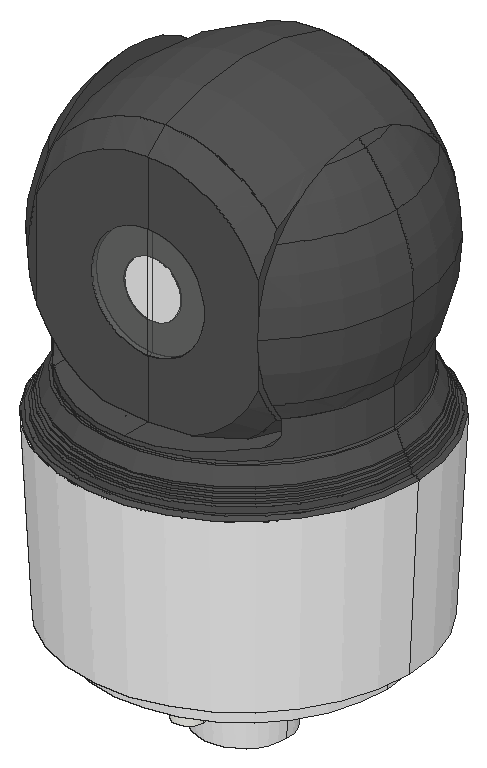
Revit family "Camera-Security-HanwhaTechwin-PTZ-Wisenet X-XNP-6400RW_mm", category Security Devices, host Face, Revit 2016
Family settings
  Host = Face
  Maintain Annotation Orientation = Yes
  Part Type = Normal
  Round Connector Dimension = Use Diameter
  OmniClass Number = 23.85.30.17.14
  OmniClass Title = Video Surveillance
  Cut with Voids When Loaded = No
  Shared = No
  Room Calculation Point = No
Parameters (values of type "Standard")
  zz Angle 4 [instance] = if(1 = 1, Camera Shield Actual, Camera Shield Actual)  # 0.00°
  zz Angle 3 [instance] = Camera Tilt Actual + 90.00°  # 90.00°
  zz Angle 2 [instance] = 90.00° - Camera Shield Actual  # 90.00°
  zz Angle 1 [instance] = if(1 = 1, Camera Base Actual + 270.00°, Camera Base Actual + 270.00°)  # 270.00°
  Wide Dynamic Range [instance] = "extreme WDR(150dB)"  # constant formula
  White Balance [instance] = "ATW / AWC / Manual / Indoor / Outdoor"  # constant formula
  Webpage Language [instance] = "English, Korean, Chinese, French, Italian, Spanish, German, Japanese, Russian, Swedish,\r\nPortuguese, Czech, Polish, Turkish, Dutch, Hungarian, Greek"  # constant formula
  Web Viewer [instance] = "Supported OS: Windows 7, 8.1, 10, Mac OS X 10.10, 10.11, 10.12 Recommended Browser: Google Chrome\r\nSupported Browser: MS Explore11,  MS Edge, Mozilla Firefox(Window 64bit only), Apple Safari(Mac OS X only)"  # constant formula
  Water Removal [instance] = "Support(with wiper)"  # constant formula
  WarrantyStartDate [instance] = "1900-12-31T23:59:59"
  WarrantyGuarantorParts [instance] = ""
  WarrantyGuarantorLabor [instance] = ""
  WarrantyDurationUnit [instance] = "year"
  WarrantyDurationParts [instance] = ""
  WarrantyDurationLabor [instance] = ""
  WarrantyDescription [instance] = ""
  Voltage [instance] = 12 V
  View Distance [instance] = 914 mm
  Video Rotation [instance] = "Flip, Mirror"  # constant formula
  Video Compression [instance] = "H.265/H.264: Main/Baseline/High, MJPEG"  # constant formula
  Version [instance] = "1"
  Unit Conversion [instance] = 1000 mm
  Uniclass2 [instance] = "Pr_60_75_75_86_86"
  URL = "https://www.hanwha-security.com"
  Tilt Speed [instance] = "Max. 350˚/sec, Manual: 0.024˚/sec~250˚/sec"  # constant formula
  Tilt Range [instance] = "110˚(-20˚~90˚)"  # constant formula
  TagNumber [instance] = ""
  SustainabilityPerformance [instance] = ""
  Streaming [instance] = "Unicast(20 users) / Multicast (128 user) Multiple streaming(Up to 10 profiles)"  # constant formula
  Storage Temperature . Humidity [instance] = "-50°C~+60°C (-58°F~+140°F) / Less than 95% RH(Non-condensing)"  # constant formula
  Smart Codec [instance] = "Manual(5ea area), WiseStreamⅡ"  # constant formula
  Size [instance] = "Ø 184.9 x 318.8 mm (Ø 7.28\" x 12.55\")"
  Shape [instance] = "PTZ"
  SerialNumber [instance] = ""
  Sequence [instance] = "Preset(300ea), Swing, Group(6ea), Trace, Tour, Auto Run, Schedule"  # constant formula
  Security [instance] = "HTTPS(SSL) Login Authentication Digest Login Authentication\r\nIP Address Filtering User access log\r\n802.1X Authentication(EAP-TLS, EAP-LEAP) Device certificate(Hanwha Techwin Root CA)"  # constant formula
  Revision [instance] = ""
  Resolution [instance] = "1920x1080, 1280x1024, 1280x960, 1280x720,\r\n1024x768, 800x600, 800x448, 720x576, 720x480, 640x480, 640x360, 320x240"  # constant formula
  ReplacementCost [instance] = ""
  Recognize .125PPM 38PPF. [instance] = "Wide: 12m(39.4ft) / Tele: 468m(1535.7ft)"  # constant formula
  RAL Code [instance] = "White: RAL9003 / Black: RAL9005"  # constant formula
  Protocol [instance] = "IPv4, IPv6, TCP/IP, UDP/IP, RTP(UDP), RTP(TCP), RTCP,RTSP, NTP, HTTP, HTTPS, SSL/TLS, DHCP, FTP, SMTP, ICMP, IGMP, SNMPv1/v2c/v3(MIB-2), ARP, DNS, DDNS, QoS, PIM-SM, UPnP, Bonjour,LLDP, SRTP"  # constant formula
  ProductInformation [instance] = ""
  Product Page URL = "https://www.hanwha-security.com/EN/products/camera/network/ptz/XNP-6400RW/overview/"
  Product Material = Aluminum - HanwhaTechwin - Black
  Product Documentation Link = "https://www.hanwha-security.com/EN/products/camera/network/ptz/XNP-6400RW/download/"
  Privacy Masking [instance] = "32ea, rectangular Support\r\n- Color: Grey/Green/Red/Blue/Black/White\r\n- Mosaic"  # constant formula
  Preset Accuracy [instance] = "±0.1˚, Pan/Tilt correction"  # constant formula
  Power Consumption [instance] = "HPoE(Camera only): Max 42W, typical 20W"  # constant formula
  Pan Speed [instance] = "Max. 500˚/sec, Manual: 0.024˚/sec~250˚/sec"  # constant formula
  Pan Range [instance] = "360˚ Endless"  # constant formula
  Operating Temperature . Humidity [instance] = "Normal : -40°C~+55°(-40°F ~ +131°F) / Intermittent : -40°C~+60°C(-40°F ~\r\n+140°F)\r\nMaximum Temperature based on NEMA-TS 2(2.2.7) : +74°C(+165°F) Less than 95% RH(Non-condensing)"  # constant formula
  Observe .63PPM 19PPF. [instance] = "Wide: 24m(78.1ft) / Tele: 936m(3071.4ft)"  # constant formula
  NominalWidth [instance] = "Ø184.9 (Ø7.28\")"
  NominalLength [instance] = "Ø184.9 (Ø7.28\")"
  NominalHeight [instance] = "318.8 mm (12.55\")"
  Name [instance] = "XNP-6400RW"
  NBSTypeID [instance] = ""
  NBSReference [instance] = ""
  NBSOfficeMasterTag [instance] = ""
  NBSNote [instance] = ""
  NBSDescription [instance] = ""
  NBSCertification [instance] = ""
  Motion Detection [instance] = "8ea, 8point polygonal zones"  # constant formula
  ModelReference [instance] = "Hanwhatechwin"
  ModelNumber [instance] = "XNP-6400RW"
  Model = "XNP-6400RW"  # constant formula
  Min. object Distance [instance] = "3m(9.84ft)"  # constant formula
  Min. Illumination [instance] = "Color: 0.05Lux(F1.6, 1/30sec) BW: 0Lux(IR LED On)"  # constant formula
  Memory [instance] = "4GB RAM, 512MB Flash"  # constant formula
  Max. Framerate [instance] = "H.265/H.264: Max. 60fps/50fps(60Hz/50Hz) MJPEG: Max. 30fps/25fps(60Hz/50Hz)"  # constant formula
  Max. Aperture Ratio [instance] = "F1.6(Wide)~F4.95(Tele)"  # constant formula
  Max Resolution [instance] = 1920
  Material [instance] = "Aluminum + Plastic"
  ManufacturerURL [instance] = "http://security.hanwhatechwin.com/"
  ManufacturerName [instance] = "Hanwhatechwin"
  Manufacturer = "Hanwha Techwin"  # constant formula
  Lens Type [instance] = "DC auto iris"  # constant formula
  InstallationDate [instance] = "1900-12-31T23:59:59"
  Input Voltage [instance] = "HPoE(IEEE802.3bt, Class6, Type3)"  # constant formula
  Imaging Device [instance] = "1/2.8 CMOS"  # constant formula
  Identify .250PPM 76PPF. [instance] = "Wide: 6m(19.5ft) / Tele: 234m(767.8ft)"  # constant formula
  IR Viewable Length [instance] = "200m(656.17ft)"  # constant formula
  Grade [instance] = ""
  Gain Control [instance] = "Low / Middle / High"  # constant formula
  Focus Control [instance] = "Oneshot AF, Focus save"  # constant formula
  Focal Length Actual [instance] = if(Focal Length > 170 mm, 170 mm, if(Focal Length < 4.25 mm, 4.25 mm, Focal Length))  # 4.25 mm
  Focal Length .Zoom Ratio. [instance] = "4.25~170mm(40x) zoom"  # constant formula
  Focal Length [instance] = 4.25 mm
  FoV Hide Check [instance] = FoV Hide Check
  FoV Cross Check [instance] = FoV Cross Check
  Finish [instance] = ""
  Field of View_Recognize [instance] = Field of View_Recognize
  Field of View_Observe [instance] = Field of View_Observe
  Field of View_Identify [instance] = Field of View_Identify
  Field of View_Detect [instance] = Field of View_Detect
  Field of View is Visible_DORI [instance] = no
  Field of View is Visible [instance] = no
  Field of View Vertical Actual [instance] = 39.40° + (1.09° - 39.40°) / (170 mm - 4.25 mm) * (Focal Length Actual - 4.25 mm)  # 39.40°
  Field of View Horizontal Actual [instance] = 65.66° + (1.88° - 65.66°) / (170 mm - 4.25 mm) * (Focal Length Actual - 4.25 mm)  # 65.66°
  Field of View [instance] = Field of View
  Features [instance] = "Max. 2MP resolution"
  ExpectedLife [instance] = ""
  Ethernet [instance] = "Metal shielded RJ-45(10/100BASE-T)"  # constant formula
  Electronic Shutter Speed [instance] = "Minimum / Maximum / Anti flicker (2~1/12,000sec)"  # constant formula
  Edge Storage [instance] = "Micro SD/SDHC/SDXC 2slot 1TB"  # constant formula
  DurationUnit [instance] = "year"
  Distance Recognize [instance] = 1 / 2 * (Max Resolution / 125) / tan(Field of View Horizontal Actual / 2) * Unit Conversion  # 11903.335 mm
  Distance Observe [instance] = 1 / 2 * (Max Resolution / 62.5) / tan(Field of View Horizontal Actual / 2) * Unit Conversion  # 23806.67 mm
  Distance Identify [instance] = 1 / 2 * (Max Resolution / 250) / tan(Field of View Horizontal Actual / 2) * Unit Conversion  # 5951.667 mm
  Distance Detect [instance] = 1 / 2 * (Max Resolution / 25) / tan(Field of View Horizontal Actual / 2) * Unit Conversion  # 59516.675 mm
  Direction Indicator [instance] = "Support"  # constant formula
  Digital Noise Reduction [instance] = "SSNRⅤ"  # constant formula
  Digital Image Stabilization  [instance] = "Support(built-in gyro sensor)"  # constant formula
  Detect .25PPM 8PPF. [instance] = "Wide: 60m(195.3ft) / Tele: 2340m(7678.4ft)"  # constant formula
  Description = "NBS standard template for generic face-based components"  # constant formula
  Defog [instance] = "Support"  # constant formula
  Default Elevation = 1219.2 mm
  Day and Night [instance] = "Auto(ICR)/Color/BW/Schedule"  # constant formula
  Constituents [instance] = ""
  Color [instance] = "White / Black"
  CodePerformance [instance] = ""
  Certification [instance] = "IP66, IK10(Camera body only), NEMA4X"  # constant formula
  Category [instance] = "2MP Network 40x IR PTZ with built-in wiper"
  Camera Title [instance] = "Displayed up to 85 characters"  # constant formula
  Camera Tilt Desired [instance] = 0.00°
  Camera Tilt Actual [instance] = if(Camera Tilt Desired > 90.00°, 90.00°, if(Camera Tilt Desired < -20.00°, -20.00°, Camera Tilt Desired))  # 0.00°
  Camera Shield Desired [instance] = 0.00°  # constant formula
  Camera Shield Actual [instance] = if(Camera Shield Desired > 355.00°, 355.00°, if(Camera Shield Desired < 0.00°, 0.00°, Camera Shield Desired))  # 0.00°
  Camera Base Desired [instance] = 0.00°
  Camera Base Actual [instance] = if(Camera Base Desired > 360.00°, 360.00°, if(Camera Base Desired < 0.00°, 0.00°, Camera Base Desired))  # 0.00°
  Bitrate Control Method [instance] = "H.264/H.265: CBR or VBR MJPEG: VBR"  # constant formula
  Base Vertical Length [instance] = 5 mm
  Base Horizontal Length [instance] = 5 mm
  BarCode [instance] = ""
  Backlight Compensation [instance] = "BLC, HLC, WDR, SSDR"  # constant formula
  Auto Tracking [instance] = "Object auto tracking(Person/Vehicle), Target lock tracking"  # constant formula
  Author [instance] = ""
  AssetType [instance] = "Fixed"
  AssetIdentifier [instance] = ""
  Application Programming Interface [instance] = "ONVIF Profile S/G/T SUNAPI(HTTP API)\r\nWisenet open platform"  # constant formula
  Angular Field of View [instance] = "H: 65.66˚(Wide)~1.88˚(Tele) / V: 39.40˚(Wide)~1.09˚(Tele)"  # constant formula
  Analytics [instance] = "Directional detection, Fog detection, Face detection, Motion detection, Appear/Disappear, Enter/Exit, Loitering, Tampering, Virtual line, Shock detection\r\n* Audio detection, Sound classification(with NW I/O Box)"  # constant formula
  Alarm Triggers [instance] = "Analytics, Network disconnect\r\n* Alarm input(with NW I/O Box)"  # constant formula
  Alarm Events [instance] = "File upload via FTP and e-mail Notification via e-mail\r\nSD/SDHC/SDXC or NAS recording at event triggers PTZ Preset\r\nHandover\r\n* Alarm output(with NW I/O Box)"  # constant formula
  AccessibilityPerformance [instance] = ""
Reference planes
  plane 1 "Center (Front/Back)": y = 0
  plane 2: z = 0
  plane 3 "Center (Left/Right)": x = 0
  plane 4: x = -92.45
  plane 5: z = 71.604
  plane 6: z = 154.664
  plane 7: x = -90
  plane 8: x = 90
  plane 9: z = 196.542
  plane 10: z = 181.165
  plane 11: z = -38.834
  plane 12: x = -90
  plane 13: x = 90
  plane 14: z = 113.866
  plane 15: z = 279.966
  plane 16: x = -60.507
  plane 17: x = 60.507
  plane 18: x = -28.678
  plane 19: x = 28.678
  plane 20: x = 92.45
  plane 21: x = -92.45
  plane 22: y = 36.5
  plane 23: y = -36.5
Forms (mm)
  Extrusion 1, solid, not visible, detail levels coarse
    sketch origin (0, 0, 0) x (1, 0, 0) y (0, 1, 0)
      loop
        line (-123.369, 132.853) -> (-123.369, -145.367) -> (107.465, -145.367) -> (107.465, 132.853) -> (-123.369, 132.853)
    from 0 to -25.463
  Revolve 2, solid, material "Aluminum - HanwhaTechwin - White", detail levels fine
    sketch origin (0, 0, 0) x (1, 0, 0) y (0, 0, 1)
      loop
        arc (-87.67, 19.133) -> (-82.184, 16.869) -> (-76.573, 14.938) r 99.012
        arc (-76.573, 14.938) -> (-76.242, 11.44) -> (-75.899, 7.943) r 1002.92
        arc (-75.899, 7.943) -> (-62.753, 3.051) -> (-49.062, 0) r 102.512
        line (-49.062, 0) -> (0, 0) -> (0, 112.1) -> (-92.45, 112.1) -> (-87.67, 19.133)
      axis (0, 112.1) -> (0, 0)
    angle from 0 to 360
  Revolve 3, solid, material "Aluminum - HanwhaTechwin - Black" <- "Product Material", detail levels fine
    sketch origin (0, 0, 0) x (1, 0, 0) y (0, 0, 1)
      loop
        line (-88.711, 117.004) -> (-88.711, 113.839) -> (-90.624, 113.839) -> (-92.449, 112.1) -> (0, 112.1) -> (0, 133.261) -> (-79.009, 133.261)
        arc (-79.009, 133.261) -> (-79.167, 132.721) -> (-79.591, 132.352) r 1
        line (-79.591, 132.352) -> (-80.532, 131.919) -> (-84.621, 124.126) -> (-84.421, 123.184) -> (-85.677, 122.602) -> (-85.407, 121.33) -> (-86.663, 120.747) -> (-86.393, 119.475) -> (-87.649, 118.893) -> (-87.379, 117.621) -> (-88.711, 117.004)
      axis (0, 133.261) -> (0, 112.1)
    angle from 0 to 360
  Revolve 4, solid, material "Aluminum - HanwhaTechwin - Black" <- "Product Material"
    sketch origin (0, 0, 0) x (1, 0, 0) y (0, 0, 1)
      loop
        line (-79.009, 152.253) -> (-79.009, 133.261) -> (-58.659, 133.261) -> (-58.659, 152.253) -> (0, 152.253) -> (0, 279.966)
        arc (0, 279.966) -> (-25.368, 277.805) -> (-50.006, 271.386) r 150.018
        arc (-50.006, 271.386) -> (-57.482, 265.81) -> (-64.342, 259.489) r 90.011
        arc (-64.342, 259.489) -> (-73.498, 248.505) -> (-80.8, 236.209) r 90.011
        arc (-80.8, 236.209) -> (-87.678, 216.904) -> (-90.011, 196.544) r 90.011
        arc (-90.011, 196.544) -> (-88.225, 178.703) -> (-82.938, 161.57) r 90.011
        line (-82.938, 161.57) -> (-79.009, 152.253)
      axis (0, 279.966) -> (0, 133.261)
    angle from 0 to 360
  Revolve 5, solid, material "Aluminum - HanwhaTechwin - White", detail levels fine
    sketch origin (0, 0, 0) x (1, 0, 0) y (0, 0, 1)
      loop
        line (0, -38.834) -> (0, 0) -> (-28.678, 0) -> (-28.652, -0.993)
        arc (-28.652, -0.993) -> (-28.402, -1.597) -> (-27.797, -1.847) r 0.855
        line (-27.797, -1.847) -> (-25.285, -3.48) -> (-24.846, -20.242) -> (-23.992, -21.096) -> (-22.864, -34.084) -> (-19.858, -34.084) -> (-17.151, -34.642) -> (-12.959, -38.834) -> (0, -38.834)
      axis (0, 0) -> (0, -38.834)
    angle from 0 to 360
  Extrusion 6, void
    sketch origin (0, 0, 196.542) x (0, 0, -1) y (1, 0, 0)
      loop
        line (34.699, -60.507) -> (51.175, -60.507)
        arc (51.175, -60.507) -> (55.108, -59.042) -> (57.115, -55.357) r 5.993
        arc (57.115, -55.357) -> (60.079, -27.747) -> (61.152, 0) r 406.569
        arc (61.152, 0) -> (60.079, 27.747) -> (57.115, 55.357) r 406.569
        arc (57.115, 55.357) -> (55.108, 59.042) -> (51.175, 60.507) r 5.993
        line (51.175, 60.507) -> (34.699, 60.507) -> (-129.057, 60.507) -> (-129.057, 0) -> (-129.057, -60.507) -> (34.699, -60.507)
    from -118.663 to 182.456
  Extrusion 7, void
    sketch origin (0, -31.75, 196.542) x (0, 0, -1) y (-1, 0, 0)
      loop
        line (-93.208, 58.659) -> (71.725, 58.659) -> (71.725, 96.634) -> (-93.208, 96.634) -> (-93.208, 58.659)
      loop
        line (-93.208, -58.659) -> (-93.208, -96.634) -> (71.725, -96.634) -> (71.725, -58.659) -> (-93.208, -58.659)
    from -133.173 to 129.401
  Revolve 8, solid
    sketch origin (0, 0, 196.542) x (0, 0, 1) y (1, 0, 0)
      loop
        line (0, 60.507) -> (0, 58.659) -> (5, 58.659) -> (5, 60.507) -> (0, 60.507)
      axis (0, 60.507) -> (0, 58.659)
    angle from 0 to 360
  Revolve 9, solid, material "Aluminum - HanwhaTechwin - Black" <- "Product Material"
    sketch origin (0, 0, 196.542) x (0, 0, 1) y (0, 1, 0)
      loop
        line (30, -63.139) -> (64.136, -63.139)
        arc (64.136, -63.139) -> (69.304, -57.419) -> (73.963, -51.278) r 90
        arc (73.963, -51.278) -> (83.424, 0) -> (73.963, 51.278) r 143.693
        arc (73.963, 51.278) -> (41.743, 79.734) -> (0, 90) r 90
        line (0, 90) -> (0, -57.139) -> (15, -57.139) -> (15, -60.139) -> (30, -60.139) -> (30, -63.139)
      axis (0, 90) -> (0, -63.139)
    angle from 0 to 360
  Revolve 10, solid, material "Plastic - HanwhaTechwin - Sun-Shield"
    sketch origin (0, 0, 196.542) x (0, 0, 1) y (0, 1, 0)
      loop
        line (0, -57.139) -> (0, -60.139) -> (15, -60.139) -> (15, -57.139) -> (0, -57.139)
      axis (0, -57.139) -> (0, -60.139)
    angle from 0 to 360
  Revolve 11, solid, material "Glass - HanwhaTechwin - Clear"
    sketch origin (0, 0, 196.542) x (0, 0, 1) y (0, 1, 0)
      loop
        line (30, -60.139) -> (0, -60.139) -> (0, -63.139) -> (30, -63.139) -> (30, -60.139)
      axis (0, -60.139) -> (0, -63.139)
    angle from 0 to 360
  Revolve 12, solid
    sketch origin (0, 0, 196.542) x (0, 0, 1) y (1, 0, 0)
      loop
        line (0, -60.507) -> (5, -60.507) -> (5, -58.659) -> (0, -58.659) -> (0, -60.507)
      axis (0, -60.507) -> (0, -58.659)
    angle from 0 to 360
  Extrusion 13, solid, material "Metal - HanwhaTechwin - Ivory"
    sketch origin (0, 0, 0) x (1, 0, 0) y (0, 1, 0)
      loop
        circle (-31.524, 18.252) r 7.751
      loop
        circle (0.09, -36.504) r 7.751
      loop
        circle (31.704, 18.252) r 7.751
    from -16 to 0
  Revolve 14, solid, material "Aluminum - HanwhaTechwin - White", detail levels coarse+medium
    sketch origin (0, 0, 0) x (1, 0, 0) y (0, 0, 1)
      loop
        line (-92.45, 112.1) -> (-86.575, 0) -> (0, 0) -> (0, 112.1) -> (-92.45, 112.1)
      axis (0, 112.1) -> (0, 0)
    angle from 0 to 360
  Revolve 15, solid, material "Aluminum - HanwhaTechwin - White", detail levels coarse+medium
    sketch origin (0, 0, 0) x (1, 0, 0) y (0, 0, 1)
      loop
        line (-28.678, 0) -> (-22.864, -34.084) -> (-22.054, -38.834) -> (0, -38.834) -> (0, 0) -> (-28.678, 0)
      axis (0, 0) -> (0, -38.834)
    angle from 0 to 360
  Revolve 16, solid, material "Aluminum - HanwhaTechwin - Black" <- "Product Material", detail levels coarse+medium
    sketch origin (0, 0, 0) x (1, 0, 0) y (0, 0, 1)
      loop
        line (-92.449, 112.1) -> (0, 112.1) -> (0, 133.261) -> (-79.725, 133.261) -> (-92.449, 112.1)
      axis (0, 133.261) -> (0, 112.1)
    angle from 0 to 360
Cuts and joins
  Extrusion 6 cuts Revolve 4
  Extrusion 7 cuts Revolve 9
Lines and regions (mm)
  reference lines
    curve 1: line (0, 0, 196.542) -> (0, -31.75, 196.542)
    curve 2: line (0, 0, 196.542) -> (0, 0, 238.419)
    curve 3: line (40.695, 0, 196.542) -> (40.695, 0, 238.419)
    curve 4: line (0, 0, 238.419) -> (40.695, 0, 238.419)
    curve 5: line (17.5, 0, 196.542) -> (17.5, 0, 238.419)
    curve 6: line (8.366, 0, 196.542) -> (8.366, 0, 238.419)
    curve 7: line (27.523, 0, 196.542) -> (27.523, 0, 238.419)
    curve 8: line (0, 0, 196.542) -> (40.695, 0, 196.542)
    curve 9: line (0, 0, 238.419) -> (37.949, 0, 238.419)
    curve 10: line (27.523, 0, 230.218) -> (0, 0, 230.218)
    curve 11: line (0, 0, 238.419) -> (0, -12.284, 238.419)
    curve 12: line (0, 0, 238.419) -> (-12.7, 0, 238.419)
Dimensions and locks
  locked: curve 9 to curve 9
  locked: curve 2 to curve 9 at 0
  locked: curve 1 to curve 2 at 0
  plane 3 "Center (Left/Right)" to plane 4 = 92.45 mm
  plane 8 to plane 7 = 180 mm
  equal spacing: plane 8, plane 3 "Center (Left/Right)", plane 7
  equal spacing: plane 12, plane 3 "Center (Left/Right)", plane 13
  plane 12 to plane 13 = 180 mm
  plane 14 to plane 11 = 152.7 mm
  plane 15 to plane 11 = 318.8 mm
  plane 15 to plane 14 = 166.1 mm
  plane 16 to plane 17 = 121.015 mm
  plane 19 to plane 18 = 57.356 mm
  equal spacing: plane 19, plane 3 "Center (Left/Right)", plane 18
  plane 21 to plane 20 = 184.9 mm
  equal spacing: plane 21, plane 3 "Center (Left/Right)", plane 20
  equal spacing: plane 22, plane 1 "Center (Front/Back)", plane 23
  plane 22 to plane 23 = 73 mm
  plane 22 to plane 1 "Center (Front/Back)" to plane 23 = 36.5 mm, 36.5 mm
  locked: Revolve 4 sketch curve to Revolve 4 sketch curve at 18.992
  locked: Revolve 4 sketch curve to Revolve 4 sketch curve at 20.351
  locked: Revolve 4 sketch curve to Revolve 4 sketch curve at 79.009
  Revolve 4 sketch curve to Revolve 4 sketch curve = 146.705 mm
  locked: Revolve 4 sketch curve to Revolve 4 sketch curve at 127.713
  locked: Revolve 4 sketch curve to Revolve 4 sketch curve at 90.011
  locked: Revolve 16 sketch curve to Revolve 16 sketch curve at 92.449
  locked: Revolve 16 sketch curve to Revolve 16 sketch curve at 21.161
  locked: Revolve 15 sketch curve to Revolve 15 sketch curve at 38.834
  locked: Revolve 15 sketch curve to Revolve 15 sketch curve at 28.678
  locked: Revolve 15 sketch curve to Revolve 15 sketch curve at 39.395
  locked: Revolve 15 sketch curve to Revolve 15 sketch curve at 22.054
  locked: Revolve 5 sketch curve to Revolve 5 sketch curve at 38.834
  locked: Revolve 5 sketch curve to Revolve 5 sketch curve at 28.678
  Revolve 5 sketch curve to Revolve 5 sketch curve to Revolve 5 sketch curve = 34.084 mm locked, 4.751 mm locked
  locked: Revolve 2 sketch curve to Revolve 2 sketch curve at 92.45
  Revolve 2 sketch curve to Revolve 2 sketch curve to Revolve 2 sketch curve = 92.967 mm locked, 19.133 mm locked
  Revolve 2 sketch curve to Revolve 2 sketch curve = 112.1 mm
  locked: Revolve 3 sketch curve to Revolve 3 sketch curve at 21.161
  locked: Revolve 3 sketch curve to Revolve 3 sketch curve at 92.449
  equal spacing: Revolve 3 sketch curve, Revolve 3 sketch curve, Revolve 3 sketch curve
  locked: Revolve 14 sketch curve to Revolve 14 sketch curve at 92.45
  equal spacing: Revolve 14 sketch curve, Revolve 14 sketch curve, Revolve 14 sketch curve
  locked: Revolve 14 sketch curve to Revolve 14 sketch curve at 112.1
  locked: Revolve 10 sketch curve to Revolve 10 sketch curve at 15
  locked: Revolve 10 sketch curve to Revolve 10 sketch curve at 3
  locked: Revolve 11 sketch curve to Revolve 11 sketch curve at 30
  locked: Revolve 11 sketch curve to Revolve 11 sketch curve at 3
  locked: Revolve 12 sketch curve to Revolve 12 sketch curve at 1.849
  locked: Revolve 12 sketch curve to Revolve 12 sketch curve at 5
  locked: Revolve 8 sketch curve to Revolve 8 sketch curve at 5
  locked: Revolve 8 sketch curve to Revolve 8 sketch curve at 1.849
  plane 14 to level to plane 11 = 113.866 mm, 38.834 mm
  "zz Angle 1": angle curve 1 to plane 1 "Center (Front/Back)"
  "zz Angle 3": angle curve 1 to curve 2
  "zz Angle 4": angle curve 4 to curve 9
  "zz Angle 2": angle curve 11 to curve 4
  aligned and locked: plane 2 to Extrusion 1
  aligned and locked: level to Extrusion 1
  aligned and locked: plane 1 "Center (Front/Back)" to curve 1
  aligned and locked: plane 3 "Center (Left/Right)" to curve 1
Automatic sketch dimensions
  Extrusion 1 sketch curve to Extrusion 1 sketch curve = 230.834 mm
  Extrusion 1 sketch curve to Extrusion 1 sketch curve = 278.22 mm
  curve 6 to curve 2 = 0 mm
  curve 10 to curve 2 = 0 mm
  curve 7 to curve 2 = 0 mm
  curve 3 to curve 2 = 40.695 mm
  curve 7 to curve 2 = 27.523 mm
  curve 5 to curve 2 = 17.5 mm
  curve 6 to curve 2 = 8.366 mm
  curve 4 to curve 2 = 0 mm
  curve 8 to curve 2 = 0 mm
  curve 10 to curve 2 = 8.201 mm
  curve 12 to curve 11 = 0 mm  (x2)
  curve 12 to curve 11 = 12.7 mm
  Revolve 2 sketch curve to plane 4 = 0 mm
  Revolve 2 sketch curve to level = 0 mm
  Revolve 2 sketch curve to plane 3 "Center (Left/Right)" = 0 mm
  Revolve 2 sketch curve to plane 12 = 2.33 mm
  Revolve 2 sketch curve to plane 12 = 40.938 mm
  Revolve 2 sketch curve to plane 14 = 4.379 mm
  Revolve 2 sketch curve to plane 12 = 42.821 mm
  Revolve 2 sketch curve to Revolve 2 sketch curve = 13.519 mm
  Revolve 2 sketch curve to plane 14 = 6.293 mm
  plane 13 to Revolve 2 sketch curve = 832.06 mm
  Revolve 2 sketch curve to plane 14 = 12.517 mm
  Revolve 2 sketch curve to Revolve 2 sketch curve = 11.097 mm
  plane 11 to Revolve 2 sketch curve = 82.685 mm
  Revolve 3 sketch curve to plane 3 "Center (Left/Right)" = 0 mm  (x2)
  Revolve 3 sketch curve to Revolve 3 sketch curve = 0.582 mm  (x4)
  Revolve 3 sketch curve to Revolve 3 sketch curve = 0.418 mm
  Revolve 3 sketch curve to Revolve 3 sketch curve = 0.94 mm
  Revolve 3 sketch curve to plane 12 = 5.579 mm
  Revolve 3 sketch curve to Revolve 3 sketch curve = 0.2 mm
  Revolve 3 sketch curve to Revolve 3 sketch curve = 0.986 mm  (x3)
  Revolve 3 sketch curve to Revolve 3 sketch curve = 0.27 mm  (x3)
  Revolve 3 sketch curve to plane 12 = 1.289 mm
  Revolve 3 sketch curve to plane 14 = 0.027 mm
  plane 12 to Revolve 3 sketch curve = 0.624 mm
  Revolve 3 sketch curve to plane 14 = 1.766 mm
  plane 14 to Revolve 3 sketch curve = 3.138 mm
  Revolve 3 sketch curve to Revolve 3 sketch curve = 0.617 mm
  Revolve 3 sketch curve to Revolve 3 sketch curve = 1.272 mm  (x3)
  Revolve 3 sketch curve to Revolve 3 sketch curve = 0.942 mm
  Revolve 3 sketch curve to Revolve 3 sketch curve = 0.433 mm
  Revolve 3 sketch curve to Revolve 3 sketch curve = 0 mm
  plane 9 to Revolve 3 sketch curve = 11.719 mm
  Revolve 4 sketch curve to Revolve 4 sketch curve = 0 mm  (x5)
  Revolve 4 sketch curve to plane 3 "Center (Left/Right)" = 0 mm  (x2)
  Revolve 4 sketch curve to plane 5 = 0 mm
  Revolve 4 sketch curve to plane 6 = 2.411 mm  (x2)
  plane 3 "Center (Left/Right)" to Revolve 4 sketch curve = 0 mm  (x2)
  plane 14 to Revolve 4 sketch curve = 16.082 mm
  plane 6 to Revolve 4 sketch curve = 6.906 mm
  plane 9 to Revolve 4 sketch curve = 0.002 mm
  Revolve 4 sketch curve to Revolve 4 sketch curve = 14.336 mm
  plane 7 to Revolve 4 sketch curve = 9.2 mm
  Revolve 5 sketch curve to plane 11 = 0 mm
  Revolve 5 sketch curve to plane 3 "Center (Left/Right)" = 0 mm  (x2)
  Revolve 5 sketch curve to plane 11 = 4.192 mm
  Revolve 5 sketch curve to Revolve 5 sketch curve = 4.192 mm
  Revolve 5 sketch curve to Revolve 5 sketch curve = 2.708 mm
  Revolve 5 sketch curve to Revolve 5 sketch curve = 3.006 mm
  Revolve 5 sketch curve to Revolve 5 sketch curve = 1.128 mm
  Revolve 5 sketch curve to Revolve 5 sketch curve = 0.855 mm  (x3)
  Revolve 5 sketch curve to level = 3.48 mm
  Revolve 5 sketch curve to Revolve 5 sketch curve = 0.439 mm
  Revolve 5 sketch curve to level = 0.993 mm
  Revolve 5 sketch curve to Revolve 5 sketch curve = 2.512 mm
  Revolve 5 sketch curve to Revolve 5 sketch curve = 0.026 mm
  Revolve 5 sketch curve to Revolve 5 sketch curve = 12.987 mm
  plane 11 to Revolve 5 sketch curve = 80.249 mm
  plane 5 to Revolve 5 sketch curve = 20.687 mm
  Revolve 8 sketch curve to plane 9 = 0 mm  (x2)
  Revolve 8 sketch curve to Revolve 8 sketch curve = 25.108 mm
  Revolve 8 sketch curve to Revolve 8 sketch curve = 5 mm
  curve 2 to Revolve 10 sketch curve = 0 mm
  Revolve 10 sketch curve to curve 2 = 0 mm
  Revolve 10 sketch curve to curve 2 = 105 mm
  Revolve 10 sketch curve to curve 2 = 57.139 mm
  curve 2 to Revolve 10 sketch curve = 120 mm
  curve 2 to Revolve 11 sketch curve = 0 mm  (x2)
  Revolve 11 sketch curve to curve 2 = 105 mm
  Revolve 11 sketch curve to curve 2 = 60.139 mm
  curve 2 to Revolve 11 sketch curve = 100 mm
  Revolve 12 sketch curve to plane 9 = 0 mm  (x2)
  Revolve 12 sketch curve to Revolve 12 sketch curve = 5 mm
  Revolve 12 sketch curve to Revolve 12 sketch curve = 25.108 mm
  Revolve 4 sketch curve to Revolve 4 sketch curve = 83.454 mm
  plane 9 to Revolve 2 sketch curve = 146.94 mm
  Revolve 9 sketch curve to curve 2 = 0 mm  (x3)
  curve 2 to Revolve 9 sketch curve = 0 mm
  Revolve 9 sketch curve to curve 2 = 179.861 mm
  curve 2 to Revolve 9 sketch curve = 140.139 mm
  curve 2 to Revolve 9 sketch curve = 22.259 mm
  Revolve 9 sketch curve to Revolve 9 sketch curve = 9.827 mm
  Revolve 9 sketch curve to Revolve 9 sketch curve = 11.861 mm
  Revolve 9 sketch curve to Revolve 9 sketch curve = 0 mm  (x2)
  Extrusion 13 sketch curve to plane 18 = 2.846 mm
  plane 3 "Center (Left/Right)" to Extrusion 13 sketch curve = 0.09 mm
  Extrusion 13 sketch curve to plane 19 = 3.026 mm
  plane 1 "Center (Front/Back)" to Extrusion 13 sketch curve = 36.504 mm
  Extrusion 13 sketch curve to plane 1 "Center (Front/Back)" = 18.252 mm  (x2)
  Revolve 3 sketch curve to Revolve 3 sketch curve = 4.089 mm
  Extrusion 7 sketch curve to plane 15 = 9.784 mm  (x2)
  plane 14 to Extrusion 7 sketch curve = 10.95 mm  (x2)
  Revolve 9 sketch curve to curve 2 = 57.139 mm
  Revolve 9 sketch curve to Revolve 9 sketch curve = 3 mm
  Revolve 9 sketch curve to Revolve 9 sketch curve = 15 mm
  Revolve 9 sketch curve to curve 2 = 11.878 mm
  curve 2 to Revolve 9 sketch curve = 90 mm
  Revolve 9 sketch curve to curve 2 = 60.269 mm
  Extrusion 6 sketch curve to plane 6 = 9.304 mm  (x2)
  Extrusion 6 sketch curve to Extrusion 6 sketch curve = 0.007 mm  (x2)
  plane 6 to Extrusion 6 sketch curve = 7.178 mm  (x2)
  Extrusion 6 sketch curve to plane 15 = 45.633 mm
  Extrusion 6 sketch curve to Extrusion 6 sketch curve = 216.356 mm
  Extrusion 6 sketch curve to Extrusion 6 sketch curve = 0 mm  (x3)
  Revolve 16 sketch curve to plane 3 "Center (Left/Right)" = 0 mm  (x2)
  Revolve 16 sketch curve to plane 12 = 10.275 mm
  Revolve 16 sketch curve to plane 14 = 1.766 mm
  plane 5 to Revolve 16 sketch curve = 20.439 mm
  plane 6 to Revolve 16 sketch curve = 6.501 mm
  plane 21 to Revolve 14 sketch curve = 0 mm
  Revolve 14 sketch curve to level = 0 mm
  Revolve 14 sketch curve to plane 3 "Center (Left/Right)" = 0 mm
  Revolve 14 sketch curve to plane 12 = 3.425 mm
  plane 11 to Revolve 14 sketch curve = 16.502 mm
  Revolve 14 sketch curve to plane 6 = 5 mm
  Revolve 15 sketch curve to level = 0 mm
  Revolve 15 sketch curve to plane 18 = 0 mm
  Revolve 15 sketch curve to plane 3 "Center (Left/Right)" = 0 mm
  Revolve 15 sketch curve to Revolve 15 sketch curve = 0.81 mm
  Revolve 15 sketch curve to plane 11 = 4.751 mm
  plane 11 to Revolve 15 sketch curve = 19.724 mm
  level to Revolve 15 sketch curve = 31.442 mm
  Extrusion 6 sketch curve to Extrusion 6 sketch curve = 5.993 mm  (x2)
  Extrusion 6 sketch curve to Extrusion 6 sketch curve = 58.686 mm
  Extrusion 6 sketch curve to Extrusion 6 sketch curve = 60.507 mm
  Extrusion 6 sketch curve to Extrusion 6 sketch curve = 3.643 mm
  Extrusion 6 sketch curve to Extrusion 6 sketch curve = 109.028 mm
  Extrusion 7 sketch curve to Extrusion 7 sketch curve = 37.975 mm  (x2)
  Extrusion 7 sketch curve to Extrusion 7 sketch curve = 117.317 mm
  radius of Extrusion 13 sketch curve = 7.751 mm  (x3)
Nested families
  nested 1: "Fov&DORI" at (0, -60.139, 196.542) x (1, 0, 0) z (0, -1, 0), Field of View is Visible <- "Field of View is Visible", Field of View is Visible_DORI <- "Field of View is Visible_DORI", Field of View <- "Field of View", Field of View_Detect <- "Field of View_Detect", Field of View_Identify <- "Field of View_Identify", Field of View_Observe <- "Field of View_Observe", Field of View_Recognize <- "Field of View_Recognize", FoV Cross Check <- "FoV Cross Check", FoV Hide Check <- "FoV Hide Check", Base Horizontal Length <- "Base Horizontal Length", Base Vertical Length <- "Base Vertical Length", Distance Detect <- "Distance Detect", Distance Identify <- "Distance Identify", Distance Observe <- "Distance Observe", Distance Recognize <- "Distance Recognize", Field of View Horizontal <- "Field of View Horizontal Actual", Field of View Vertical <- "Field of View Vertical Actual", Max Resolution <- "Max Resolution", Unit Conversion <- "Unit Conversion", View Distance <- "View Distance", type "Fov&DORI"
    with zz Vertical Length_Recognize 8524.022 mm, zz Vertical Length_Observe 17048.044 mm, zz Vertical Length_Identify 4262.011 mm, zz Vertical Length_Detect 42620.11 mm, zz Vertical Length 654.519 mm, zz Horizontal Length_Recognize 15360 mm, zz Horizontal Length_Observe 30720 mm, zz Horizontal Length_Identify 7680 mm, zz Horizontal Length_Detect 76800 mm, zz Horizontal Length 1179.421 mm, View Distance 914 mm, Unit Conversion 1000 mm, Max Resolution 1920, FoV Hide Check FoV Hide Check, FoV Cross Check FoV Cross Check, Field of View_Recognize Field of View_Recognize, Field of View_Observe Field of View_Observe, Field of View_Identify Field of View_Identify, Field of View_Detect Field of View_Detect, Field of View is Visible_DORI no, Field of View is Visible no, Field of View Vertical 39.40°, Field of View Horizontal 65.66°, Field of View Diagonal 0.00°, Field of View Field of View, Distance Recognize 11903.335 mm, Distance Observe 23806.67 mm, Distance Identify 5951.667 mm, Distance Detect 59516.675 mm, Base Vertical Length 5 mm, Base Horizontal Length 5 mm
Connectors
  electrical at (0, 0, 0), driven by "Voltage"
    settings: on Revolve 2, index 1, voltage 12 V, apparent load 0 VA, apparent load phase1 0 VA, apparent load phase2 0 VA, apparent load phase3 0 VA, power factor 1, load classification "Other", number of poles 1, system type 31, power factor state 1, is connector primary yes, connector utility no, sub classification motor no, connector description "Power Connector"
  electrical at (0, 0, 0)
    settings: on Revolve 2, index 2, voltage 0 V, apparent load 0 VA, apparent load phase1 0 VA, apparent load phase2 0 VA, apparent load phase3 0 VA, power factor 1, load classification "Other", number of poles 1, system type 14, power factor state 1, is connector primary no, connector utility no, sub classification motor no, connector description "Ethernet Connector"
Definition of nested family "Fov&DORI"
  Parameters (values of type "Fov&DORI")
    zz Vertical Length_Recognize [instance] = tan(Field of View Vertical / 2) * Distance Recognize * 2  # 6481.499 mm
    zz Vertical Length_Observe [instance] = tan(Field of View Vertical / 2) * Distance Observe * 2  # 12860.117 mm
    zz Vertical Length_Identify [instance] = tan(Field of View Vertical / 2) * Distance Identify * 2  # 3240.75 mm
    zz Vertical Length_Detect [instance] = tan(Field of View Vertical / 2) * Distance Detect * 2  # 32407.496 mm
    zz Vertical Length [instance] = tan(Field of View Vertical / 2) * View Distance * 2  # 838.854 mm
    zz Horizontal Length_Recognize [instance] = tan(Field of View Horizontal / 2) * Distance Recognize * 2  # 15360 mm
    zz Horizontal Length_Observe [instance] = tan(Field of View Horizontal / 2) * Distance Observe * 2  # 30476.19 mm
    zz Horizontal Length_Identify [instance] = tan(Field of View Horizontal / 2) * Distance Identify * 2  # 7680 mm
    zz Horizontal Length_Detect [instance] = tan(Field of View Horizontal / 2) * Distance Detect * 2  # 76800 mm
    zz Horizontal Length [instance] = tan(Field of View Horizontal / 2) * View Distance * 2  # 1987.935 mm
    View Distance [instance] = 914 mm
    Unit Conversion [instance] = 1000 mm
    Max Resolution [instance] = 1920
    FoV Hide Check [instance] = none
    FoV Cross Check [instance] = none
    Field of View_Recognize [instance] = none
    Field of View_Observe [instance] = none
    Field of View_Identify [instance] = none
    Field of View_Detect [instance] = none
    Field of View is Visible_DORI [instance] = no
    Field of View is Visible [instance] = yes
    Field of View Vertical [instance] = 49.30°
    Field of View Horizontal [instance] = 94.80°
    Field of View Diagonal [instance] = 114.30°
    Field of View [instance] = none
    Distance Recognize [instance] = 7062.122 mm
    Distance Observe [instance] = 14012.147 mm
    Distance Identify [instance] = 3531.061 mm
    Distance Detect [instance] = 35310.61 mm
    Default Elevation = 1219.2 mm
    Base Vertical Length [instance] = 5 mm
    Base Horizontal Length [instance] = 5 mm
  Reference planes
    plane 1 "Center (Front/Back)": y = 0
    plane 2: z = 0
    plane 3 "Center (Left/Right)": x = 0
    plane 4: z = 3531.061
    plane 5: z = 7062.122
    plane 6: z = 14012.147
    plane 7: z = 35310.61
    plane 8: x = 3840
    plane 9: x = -3840
    plane 10: x = 7680
    plane 11: x = -7680
    plane 12: x = 15238.095
    plane 13: x = 38400
    plane 14: x = -15238.095
    plane 15: x = -38400
  Forms (mm)
    Extrusion 1, solid
      sketch origin (0, 0, 0) x (1, 0, 0) y (0, 1, 0)
        loop
          line (-1219.2, 1219.2) -> (-1219.2, -1219.2) -> (1219.2, -1219.2) -> (1219.2, 1219.2) -> (-1219.2, 1219.2)
      from 0 to -304.8
    Blend 2, solid, material <- "Field of View_Identify", visible <- "Field of View is Visible_DORI"
      base sketch origin (0, 0, 0) x (1, 0, 0) y (0, 1, 0)
        loop
          line (-2.5, 2.5) -> (-2.5, -2.5) -> (2.5, -2.5) -> (2.5, 2.5) -> (-2.5, 2.5)
      top sketch origin (0, 0, 0) x (1, 0, 0) y (0, 1, 0)
        loop
          line (-3840, 1620.375) -> (-3840, -1620.375) -> (3840, -1620.375) -> (3840, 1620.375) -> (-3840, 1620.375)
      from 0 to 3531.061
    Blend 3, solid, material <- "Field of View_Recognize", visible <- "Field of View is Visible_DORI"
      base sketch origin (0, 0, 0) x (1, 0, 0) y (0, 1, 0)
        loop
          line (-3840, 1620.375) -> (-3840, -1620.375) -> (3840, -1620.375) -> (3840, 1620.375) -> (-3840, 1620.375)
      top sketch origin (0, 0, 0) x (1, 0, 0) y (0, 1, 0)
        loop
          line (-7680, 3240.75) -> (-7680, -3240.75) -> (7680, -3240.75) -> (7680, 3240.75) -> (-7680, 3240.75)
      from 3531.061 to 7062.122
    Blend 4, solid, material <- "Field of View_Observe", visible <- "Field of View is Visible_DORI"
      base sketch origin (0, 0, 0) x (1, 0, 0) y (0, 1, 0)
        loop
          line (-7680, 3240.75) -> (-7680, -3240.75) -> (7680, -3240.75) -> (7680, 3240.75) -> (-7680, 3240.75)
      top sketch origin (0, 0, 0) x (1, 0, 0) y (0, 1, 0)
        loop
          line (-15238.095, 6430.059) -> (-15238.095, -6430.059) -> (15238.095, -6430.059) -> (15238.095, 6430.059) -> (-15238.095, 6430.059)
      from 7062.122 to 14012.147
    Blend 5, solid, material <- "Field of View_Detect", visible <- "Field of View is Visible_DORI"
      base sketch origin (0, 0, 0) x (1, 0, 0) y (0, 1, 0)
        loop
          line (-15238.095, 6430.059) -> (-15238.095, -6430.059) -> (15238.095, -6430.059) -> (15238.095, 6430.059) -> (-15238.095, 6430.059)
      top sketch origin (0, 0, 0) x (1, 0, 0) y (0, 1, 0)
        loop
          line (-38400, 16203.748) -> (-38400, -16203.748) -> (38400, -16203.748) -> (38400, 16203.748) -> (-38400, 16203.748)
      from 14012.147 to 35310.61
    Blend 6, solid, material <- "Field of View", visible <- "Field of View is Visible"
      base sketch origin (0, 0, 0) x (1, 0, 0) y (0, 1, 0)
        loop
          line (-2.5, 2.5) -> (-2.5, -2.5) -> (2.5, -2.5) -> (2.5, 2.5) -> (-2.5, 2.5)
      top sketch origin (0, 0, 0) x (1, 0, 0) y (0, 1, 0)
        loop
          line (-993.968, 419.427) -> (-993.968, -419.427) -> (993.968, -419.427) -> (993.968, 419.427) -> (-993.968, 419.427)
      from 0 to 914 <- "View Distance"
  Dimensions and locks
    "Distance Identify": plane 4 to level
    "Distance Recognize": plane 5 to level
    "Distance Observe": plane 6 to level
    "Distance Detect": plane 7 to level
    equal spacing: plane 8, plane 3 "Center (Left/Right)", plane 9
    "zz Horizontal Length_Identify": plane 8 to plane 9
    equal spacing: plane 10, plane 3 "Center (Left/Right)", plane 11
    "zz Horizontal Length_Recognize": plane 10 to plane 11
    equal spacing: plane 12, plane 3 "Center (Left/Right)", plane 14
    "zz Horizontal Length_Observe": plane 12 to plane 14
    equal spacing: plane 13, plane 3 "Center (Left/Right)", plane 15
    "zz Horizontal Length_Detect": plane 13 to plane 15
    equal spacing: Blend 2 sketch curve, plane 3 "Center (Left/Right)", Blend 2 sketch curve  (x2)
    equal spacing: Blend 2 sketch curve, plane 1 "Center (Front/Back)", Blend 2 sketch curve  (x2)
    "Base Horizontal Length": Blend 2 sketch curve to Blend 2 sketch curve
    "Base Vertical Length": Blend 2 sketch curve to Blend 2 sketch curve
    "zz Horizontal Length_Identify": Blend 2 sketch curve to Blend 2 sketch curve
    "zz Vertical Length_Identify": Blend 2 sketch curve to Blend 2 sketch curve
    equal spacing: Blend 3 sketch curve, plane 3 "Center (Left/Right)", Blend 3 sketch curve  (x2)
    "zz Horizontal Length_Identify": Blend 3 sketch curve to Blend 3 sketch curve
    equal spacing: Blend 3 sketch curve, plane 1 "Center (Front/Back)", Blend 3 sketch curve  (x2)
    "zz Vertical Length_Identify": Blend 3 sketch curve to Blend 3 sketch curve
    "zz Horizontal Length_Recognize": Blend 3 sketch curve to Blend 3 sketch curve
    "zz Vertical Length_Recognize": Blend 3 sketch curve to Blend 3 sketch curve
    equal spacing: Blend 4 sketch curve, plane 3 "Center (Left/Right)", Blend 4 sketch curve  (x2)
    "zz Horizontal Length_Recognize": Blend 4 sketch curve to Blend 4 sketch curve
    equal spacing: Blend 4 sketch curve, plane 1 "Center (Front/Back)", Blend 4 sketch curve  (x2)
    "zz Vertical Length_Recognize": Blend 4 sketch curve to Blend 4 sketch curve
    "zz Horizontal Length_Observe": Blend 4 sketch curve to Blend 4 sketch curve
    "zz Vertical Length_Observe": Blend 4 sketch curve to Blend 4 sketch curve
    equal spacing: Blend 5 sketch curve, plane 3 "Center (Left/Right)", Blend 5 sketch curve  (x2)
    "zz Horizontal Length_Observe": Blend 5 sketch curve to Blend 5 sketch curve
    equal spacing: Blend 5 sketch curve, plane 1 "Center (Front/Back)", Blend 5 sketch curve  (x2)
    "zz Vertical Length_Observe": Blend 5 sketch curve to Blend 5 sketch curve
    "zz Horizontal Length_Detect": Blend 5 sketch curve to Blend 5 sketch curve
    "zz Vertical Length_Detect": Blend 5 sketch curve to Blend 5 sketch curve
    equal spacing: Blend 6 sketch curve, plane 3 "Center (Left/Right)", Blend 6 sketch curve  (x2)
    equal spacing: Blend 6 sketch curve, plane 1 "Center (Front/Back)", Blend 6 sketch curve  (x2)
    "Base Vertical Length": Blend 6 sketch curve to Blend 6 sketch curve
    "Base Horizontal Length": Blend 6 sketch curve to Blend 6 sketch curve
    "zz Horizontal Length": Blend 6 sketch curve to Blend 6 sketch curve
    "zz Vertical Length": Blend 6 sketch curve to Blend 6 sketch curve
    aligned and locked: plane 2 to Extrusion 1
    aligned and locked: level to Extrusion 1
    aligned and locked: Blend 2 to plane 4
    aligned and locked: Blend 3 to plane 4
    aligned and locked: Blend 3 to plane 5
    aligned and locked: Blend 4 to plane 6
    aligned and locked: Blend 4 to plane 5
    aligned and locked: Blend 5 to plane 7
    aligned and locked: Blend 5 to plane 6
  Automatic sketch dimensions
    Extrusion 1 sketch curve to Extrusion 1 sketch curve = 2438.4 mm  (x2)
